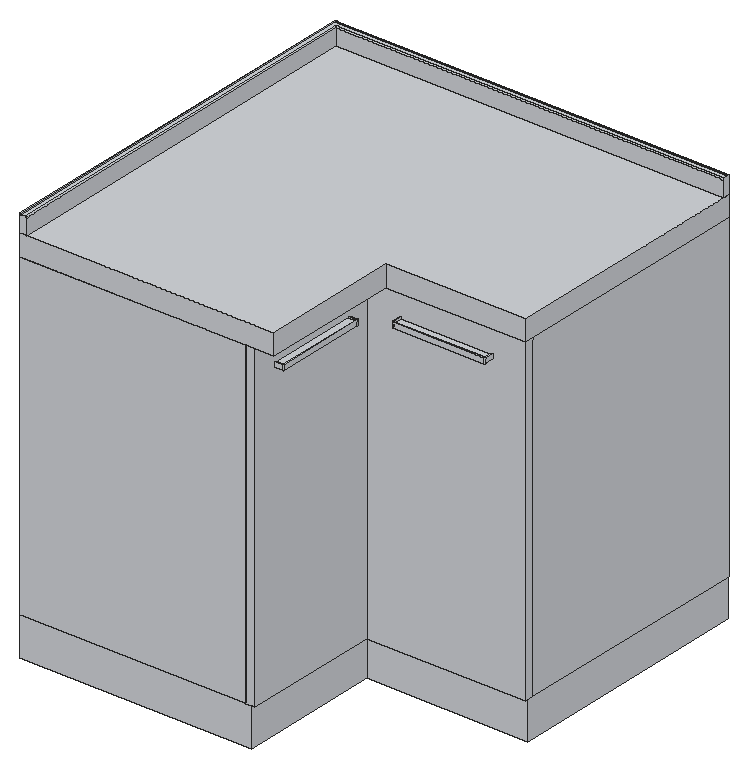
Revit family "Cabinet- CornerAUSTRALIA", category Casework, Revit 2016
Family settings
  Work Plane-Based = No
  Always vertical = Yes
  Cut with Voids When Loaded = No
  Shared = No
  Room Calculation Point = No
Parameters (values of type "931 x 931 x 900mm")
  Top Material = none
  Material = none
  Handle Material = none
  Description = "Corner"
  Depth = 931 mm
  Height = 900 mm
  Width = 931 mm
  Assembly Code = ""
Reference planes
  plane 1 "Back": y = 0
  plane 2: z = 0
  plane 3 "Center (Left/Right)": x = 44.7
  plane 4 "Front": y = -931
  plane 5 "Left": x = -420.8
  plane 6 "Right": x = 510.2
  plane 7 "Top": z = 900
  plane 8: z = 90
  plane 9: z = 850
  plane 10: y = -622
  plane 11: x = 157.2
Forms (mm)
  Extrusion 1, solid
    sketch origin (0, 0, 0) x (1, 0, 0) y (0, 1, 0)
      loop
        line (-420.8, 0) -> (-420.8, -909) -> (-398.8, -909) -> (-398.8, -22) -> (488.2, -22) -> (488.2, -578) -> (510.2, -578) -> (510.2, 0) -> (-420.8, 0)
    from 90 to 850
  Extrusion 2, solid, material <- "Material"
    sketch origin (0, -20, 0) x (1, 0, 0) y (0, 1, 0)
      loop
        line (-420.8, -911) -> (112.2, -911) -> (112.2, -889) -> (-420.8, -889) -> (-420.8, -911)
    from 90 to 850
  Extrusion 3, solid, material <- "Top Material"
    sketch origin (0, 0, 900) x (0, -1, 0) y (-1, 0, 0)
      loop
        line (0, 420.8) -> (0, -510.2) -> (600, -510.2) -> (600, -179.2) -> (931, -179.2) -> (931, 420.8) -> (0, 420.8)
    from 0 to 50
  Extrusion 4, solid, material <- "Material"
    sketch origin (0, 0, 900) x (0, -1, 0) y (-1, 0, 0)
      loop
        line (0.534, 420.8) -> (0.534, -510.2) -> (592, -510.2) -> (592, -127.2) -> (931, -127.2) -> (931, 420.8) -> (0.534, 420.8)
    from 810 to 900
  Sweep 5, solid, material <- "Top Material"
    path origin (0, 0, 900) x (0, -1, 0) y (1, 0, 0)
      loop
        line (0, 510.2) -> (0, -420.8) -> (931, -420.8)
    profile origin (44.7, 0, 0) x (0, -1, 0) y (0, 0, 1)
      loop
        line (0, 900) -> (15, 900) -> (15, 938)
        arc (15, 938) -> (14.414, 939.414) -> (13, 940) r 2
        line (13, 940) -> (1.504, 940) -> (1.504, 942.003) -> (0, 942.003) -> (0, 900)
  Extrusion 6, solid, material <- "Material"
    sketch origin (309, 311, 0) x (1, 0, 0) y (0, 1, 0)
      loop
        line (-173.8, -911) -> (201.2, -911) -> (201.2, -889) -> (-173.8, -889) -> (-173.8, -911)
    from 90 to 850
  Extrusion 7, solid, material <- "Material"
    sketch origin (-753.8, -729.8, 0) x (0, -1, 0) y (1, 0, 0)
      loop
        line (-151.8, 889) -> (-151.8, 867) -> (201.2, 867) -> (201.2, 889) -> (-151.8, 889)
    from 90 to 850
Dimensions and locks
  "Width": plane 6 "Right" to plane 5 "Left"
  equal spacing: plane 6 "Right", plane 3 "Center (Left/Right)", plane 5 "Left"
  "Depth": plane 4 "Front" to plane 1 "Back"
  "Height": level to plane 7 "Top"
  locked: Extrusion 1 sketch curve to Extrusion 1 sketch curve at 22  (x3)
  locked: plane 8 to level at 90
  locked: plane 7 "Top" to plane 9 at 50
  plane 5 "Left" to plane 6 "Right" = 931 mm
  plane 5 "Left" to plane 11 = 578 mm
  locked: plane 10 to plane 1 "Back" at 622
  equal spacing: Extrusion 7, nested 1, Extrusion 3
  equal spacing: plane 4 "Front", nested 2, Extrusion 6
  nested 1 to level = 799.2 mm
  aligned and locked: Extrusion 1 sketch curve to plane 6 "Right"
  aligned and locked: plane 1 "Back" to Extrusion 1 sketch curve
  aligned and locked: Extrusion 1 sketch curve to plane 5 "Left"
  aligned and locked: Extrusion 2 to plane 9
  aligned and locked: Extrusion 1 to plane 9
  aligned and locked: plane 8 to Extrusion 2
  aligned and locked: plane 8 to Extrusion 1
  aligned and locked: Extrusion 4 to Extrusion 1
  aligned and locked: nested 1 to nested 2
Automatic sketch dimensions
  Sweep 5 sketch curve to plane 6 "Right" = 0 mm
  Sweep 5 sketch curve to profile plane = 0 mm  (x2)
  Sweep 5 sketch curve to profile plane = 1.504 mm
  Sweep 5 sketch curve to Sweep 5 sketch curve = 11.496 mm
  Sweep 5 sketch curve to profile plane = 15 mm
  profile plane to Sweep 5 sketch curve = 38 mm
  Sweep 5 sketch curve to Sweep 5 sketch curve = 2.003 mm
  Extrusion 6 sketch curve to plane 10 = 44 mm
  plane 11 to Extrusion 6 sketch curve = 22 mm
  Extrusion 6 sketch curve to plane 6 "Right" = 0 mm
  Extrusion 6 sketch curve to plane 10 = 22 mm
  Extrusion 1 sketch curve to plane 10 = 44 mm
  Extrusion 1 sketch curve to plane 4 "Front" = 22 mm
  plane 11 to Extrusion 7 sketch curve = 22 mm
  Extrusion 7 sketch curve to plane 10 = 44 mm
  Extrusion 7 sketch curve to plane 4 "Front" = 0 mm
  plane 11 to Extrusion 7 sketch curve = 44 mm
  Extrusion 4 sketch curve to plane 5 "Left" = 0 mm
  Extrusion 4 sketch curve to plane 6 "Right" = 0 mm
  Extrusion 4 sketch curve to plane 4 "Front" = 0 mm
  Extrusion 4 sketch curve to plane 10 = 30 mm
  plane 1 "Back" to Extrusion 4 sketch curve = 0.534 mm
  plane 11 to Extrusion 4 sketch curve = 30 mm
  Extrusion 3 sketch curve to plane 1 "Back" = 0 mm
  Extrusion 3 sketch curve to plane 10 = 22 mm
  Extrusion 3 sketch curve to plane 5 "Left" = 0 mm
  Extrusion 3 sketch curve to plane 11 = 22 mm
  Extrusion 3 sketch curve to plane 6 "Right" = 0 mm
  Extrusion 2 sketch curve to plane 5 "Left" = 0 mm
  Extrusion 2 sketch curve to plane 4 "Front" = 0 mm
  Extrusion 2 sketch curve to plane 4 "Front" = 22 mm
  plane 11 to Extrusion 2 sketch curve = 45 mm
  Sweep 5 sketch curve to plane 1 "Back" = 0 mm
  Sweep 5 sketch curve to plane 4 "Front" = 0 mm
  Sweep 5 sketch curve to plane 5 "Left" = 0 mm
  plane 4 "Front" to Extrusion 3 sketch curve = 0 mm
Nested families
  nested 1: "Casework Handle" at (597.577, -623, 787.2), type "220 x 23mm"
  nested 2: "Casework Handle" at (158.2, -490.623, 787.2) x (0, 1, 0) z (0, 0, 1), type "220 x 23mm"
Definition of nested family "Casework Handle"
  Parameters
    Material = none
  Reference planes
    plane 1 "Center (Front/Back)": y = 0
    plane 2: z = 0
    plane 3 "Center (Left/Right)": x = -274.877
    plane 4: x = -384.877
    plane 5: x = -164.877
    plane 6: y = 23
    plane 7: z = 12
  Forms (mm)
    Sweep 1, solid, material <- "Material"
      path origin (0, 0, 0) x (1, 0, 0) y (0, 1, 0)
        loop
          line (-384.877, 23) -> (-384.877, 2.5)
          arc (-384.877, 2.5) -> (-384.145, 0.732) -> (-382.377, 0) r 2.5
          line (-382.377, 0) -> (-167.377, 0)
          arc (-167.377, 0) -> (-165.609, 0.732) -> (-164.877, 2.5) r 2.5
          line (-164.877, 2.5) -> (-164.877, 23)
      profile origin (0, 12.75, 0) x (1, 0, 0) y (0, 0, 1)
        loop
          line (-384.877, 0) -> (-382.877, 0) -> (-382.877, 12) -> (-384.877, 12) -> (-384.877, 0)
    Extrusion 2, solid, material <- "Material"
      sketch origin (0, 0, 0) x (1, 0, 0) y (0, 1, 0)
        loop
          arc (-382.877, 2.5) -> (-382.731, 2.146) -> (-382.377, 2) r 0.5
          line (-382.377, 2) -> (-167.377, 2)
          arc (-167.377, 2) -> (-167.023, 2.146) -> (-166.877, 2.5) r 0.5
          line (-166.877, 2.5) -> (-166.877, 23) -> (-382.877, 23) -> (-382.877, 2.5)
      from 2.765 to 9.254
  Dimensions and locks
    equal spacing: plane 4, plane 3 "Center (Left/Right)", plane 5
